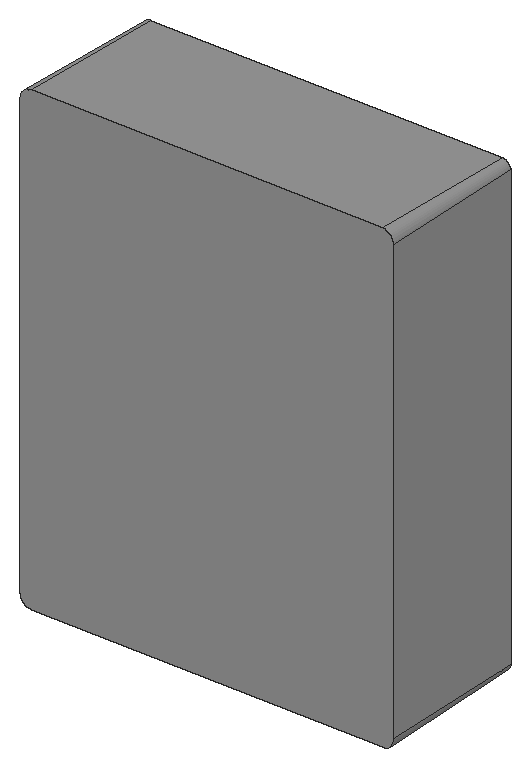
Revit family "L&L_LUCE&LIGHT_PASITO_MINI_1.2", category Lighting Fixtures, host Wall, Revit 2018 (continued)
Types (2, lengths in cm): name | Photometric Web File | built-in parameter 1150142
    .03 0.03 0.02 0.02 0.02 \r\n0.02 0.01 0.01 0.01 0.01 0.01 0.01 0.01 0.00 0.00 \r\n0.00 0.00 0.01 0.02 0.04 0.07 0.09 0.11 0.14 0.20 0.27 \r\n0.36 0.45 0.56 0.70 0.87 1.00 1.20 1.64 2.03 3.79 11.22 \r\n27.45 39.83 44.79 47.32 49.59 52.16 54.99 57.38 59.20 \r\n60.68 61.63 62.03 62.84 64.41 66.13 67.64 69.07 70.34 \r\n71.59 73.20 74.95 76.65 78.43 80.36 82.27 84.06 85.82 \r\n87.75 90.05 92.53 95.10 97.64 99.93 101.93 103.74 105.53 \r\n107.45 109.42 111.24 112.94 114.66 116.53 118.49 120.52 \r\n122.58 124.71 126.95 129.16 131.05 132.38 133.25 134.00 \r\n134.71 135.38 135.02 131.75 124.20 110.61 92.35 71.81 \r\n51.70 34.43 20.96 11.17 5.06 4.01 3.66 3.31 2.98 2.82 \r\n2.67 2.51 2.33 2.08 1.98 1.95 1.91 1.84 1.73 1.62 1.51 \r\n1.41 1.34 1.27 1.21 1.16 1.10 1.05 1.01 0.97 0.93 0.89 \r\n0.85 0.81 0.77 0.74 0.70 0.67 0.64 0.61 0.58 0.55 0.53 \r\n0.50 0.47 0.45 0.42 0.40 0.38 0.36 0.34 0.32 0.31 0.29 \r\n0.27 0.26 0.25 0.24 0.22 0.21 0.20 0.19 0.18 0.17 0.16 \r\n0.15 0.14 0.13 0.12 0.11 0.10 0.09 0.09 0.08 0.08 0.07 \r\n0.06 0.06 0.05 0.05 0.04 0.04 0.03 0.03 0.03 0.03 0.02 \r\n0.02 0.02 0.01 0.01 0.01 0.01 0.01 0.01 0.01 0.01 0.00 \r\n0.00 \r\n0.00 0.00 0.01 0.02 0.03 0.05 0.08 0.09 0.12 0.15 0.21 \r\n0.28 0.36 0.45 0.54 0.66 0.81 0.97 1.09 1.30 1.66 1.97 \r\n3.89 7.65 23.28 40.30 46.77 47.98 50.83 54.23 57.13 59.29 \r\n61.68 64.11 65.75 66.49 66.94 67.95 69.46 71.06 72.67 \r\n74.30 75.92 77.50 79.31 81.64 84.27 86.93 89.52 91.96 \r\n94.24 96.48 98.98 101.81 104.79 107.74 110.57 113.22 \r\n115.67 117.91 120.04 122.15 124.23 126.23 128.14 129.98 \r\n131.78 133.59 135.46 137.48 139.75 142.29 145.04 147.99 \r\n151.23 154.30 156.25 155.79 151.61 142.66 129.12 111.31 \r\n89.76 66.04 42.82 22.79 9.41 7.82 6.31 4.84 3.40 3.21 \r\n3.03 2.84 2.65 2.51 2.37 2.23 2.09 2.04 1.94 1.80 1.66 \r\n1.53 1.43 1.35 1.29 1.23 1.17 1.11 1.06 1.00 0.95 0.90 \r\n0.85 0.81 0.76 0.72 0.68 0.64 0.61 0.57 0.54 0.51 0.48 \r\n0.45 0.43 0.40 0.38 0.36 0.34 0.32 0.30 0.29 0.27 0.26 \r\n0.24 0.23 0.22 0.20 0.19 0.18 0.17 0.16 0.15 0.14 0.13 \r\n0.12 0.12 0.11 0.10 0.09 0.09 0.08 0.07 0.07 0.06 0.06 \r\n0.05 0.05 0.04 0.04 0.04 0.03 0.03 0.03 0.02 0.02 0.02 \r\n0.02 0.02 0.01 0.01 0.01 0.01 0.01 0.01 0.01 0.00 0.00 \r\n0.00 \r\n0.00 0.00 0.00 0.01 0.02 0.04 0.06 0.08 0.10 0.12 0.15 \r\n0.20 0.26 0.33 0.41 0.50 0.59 0.70 0.84 1.00 1.14 1.29 \r\n1.52 1.82 2.31 5.60 16.04 30.73 41.95 46.92 51.70 59.90 \r\n63.16 63.11 63.00 66.61 73.14 75.58 73.07 72.56 73.91 \r\n76.56 77.52 78.55 80.75 83.18 84.91 86.86 89.63 92.80 \r\n96.15 99.70 103.19 106.39 109.13 111.62 114.00 116.41 \r\n118.89 121.47 124.03 126.51 128.89 131.24 133.57 135.91 \r\n138.26 140.68 143.26 146.11 149.23 152.62 156.23 160.09 \r\n164.31 168.89 173.73 178.61 182.82 184.19 180.39 168.75 \r\n147.91 119.90 88.94 59.55 35.91 20.07 10.81 6.03 3.94 \r\n3.75 3.52 3.27 3.02 2.83 2.66 2.50 2.34 2.15 1.96 1.83 \r\n1.74 1.68 1.61 1.53 1.43 1.33 1.24 1.16 1.09 1.03 0.97 \r\n0.92 0.86 0.80 0.75 0.70 0.65 0.61 0.57 0.53 0.50 0.47 \r\n0.44 0.41 0.38 0.36 0.34 0.32 0.30 0.28 0.26 0.25 0.23 \r\n0.22 0.21 0.19 0.18 0.17 0.16 0.15 0.14 0.13 0.12 0.12 \r\n0.11 0.10 0.10 0.09 0.08 0.08 0.07 0.07 0.06 0.06 0.05 \r\n0.05 0.04 0.04 0.04 0.03 0.03 0.03 0.03 0.02 0.02 0.02 \r\n0.02 0.01 0.01 0.01 0.01 0.01 0.01 0.01 0.01 0.01 0.00 \r\n0.00 0.00 \r\n0.00 0.00 0.00 0.01 0.02 0.03 0.04 0.06 0.08 0.10 0.12 \r\n0.14 0.18 0.22 0.28 0.35 0.42 0.50 0.58 0.68 0.79 0.92 \r\n1.05 1.16 1.34 1.56 1.79 2.10 2.75 3.25 5.77 7.33 5.51 \r\n5.96 8.80 12.30 13.79 9.86 6.33 8.64 12.83 14.22 11.36 \r\n9.67 12.18 16.39 18.29 16.00 19.10 22.82 26.46 28.86 \r\n31.20 35.54 40.25 46.44 51.26 56.48 61.81 68.36 75.01 \r\n80.62 86.64 93.07 101.16 110.31 118.02 126.77 135.38 \r\n142.98 151.45 159.78 167.22 175.27 184.08 192.81 202.45 \r\n213.50 224.73 233.70 237.59 233.80 220.68 199.35 171.77 \r\n140.19 107.02 74.84 45.86 22.06 5.32 4.85 4.38 3.92 3.45 \r\n3.11 2.92 2.73 2.54 2.35 2.21 2.07 1.94 1.80 1.67 1.57 \r\n1.47 1.37 1.27 1.14 1.03 0.96 0.92 0.87 0.82 0.76 0.70 \r\n0.64 0.59 0.54 0.50 0.47 0.43 0.40 0.38 0.35 0.33 0.31 \r\n0.29 0.27 0.25 0.23 0.22 0.21 0.19 0.18 0.17 0.16 0.15 \r\n0.14 0.13 0.12 0.11 0.11 0.10 0.09 0.09 0.08 0.07 0.07 \r\n0.06 0.06 0.06 0.05 0.05 0.05 0.04 0.04 0.04 0.03 0.03 \r\n0.03 0.03 0.02 0.02 0.02 0.02 0.02 0.01 0.01 0.01 0.01 \r\n0.01 0.01 0.01 0.01 0.01 0.00 0.00 0.00 0.00 \r\n0.00 0.00 0.00 0.01 0.01 0.02 0.03 0.04 0.06 0.08 0.09 \r\n0.11 0.13 0.15 0.18 0.21 0.26 0.31 0.37 0.44 0.51 0.59 \r\n0.67 0.76 0.87 1.00 1.12 1.23 1.31 1.45 1.67 1.84 1.98 \r\n2.21 2.44 2.67 2.88 3.08 3.26 3.44 3.60 3.75 3.91 4.09 \r\n4.23 4.37 4.50 4.63 4.75 4.87 4.97 5.10 5.24 5.37 5.49 \r\n5.60 5.71 5.88 6.04 6.14 6.21 6.29 6.41 6.57 6.69 6.78 \r\n6.85 6.93 7.03 7.14 7.23 7.31 7.51 7.92 8.49 9.41 11.02 \r\n13.96 18.44 23.87 29.14 33.43 36.12 36.97 35.91 32.90 \r\n28.05 21.87 15.24 9.10 4.44 4.18 3.93 3.68 3.43 3.19 3.00 \r\n2.81 2.63 2.44 2.19 1.99 1.87 1.76 1.66 1.55 1.42 1.30 \r\n1.19 1.09 1.00 0.91 0.83 0.76 0.69 0.63 0.58 0.53 0.49 \r\n0.45 0.42 0.39 0.36 0.33 0.30 0.28 0.26 0.24 0.23 0.21 \r\n0.20 0.18 0.17 0.16 0.15 0.14 0.13 0.12 0.11 0.11 0.10 \r\n0.09 0.09 0.08 0.07 0.07 0.07 0.06 0.06 0.05 0.05 0.05 \r\n0.04 0.04 0.04 0.03 0.03 0.03 0.03 0.03 0.02 0.02 0.02 \r\n0.02 0.02 0.02 0.01 0.01 0.01 0.01 0.01 0.01 0.01 0.01 \r\n0.01 0.01 0.00 0.00 0.00 0.00 0.00 \r\n0.00 0.00 0.00 0.00 0.01 0.01 0.02 0.02 0.03 0.04 0.06 \r\n0.07 0.09 0.11 0.12 0.14 0.16 0.18 0.21 0.24 0.28 0.32 \r\n0.37 0.43 0.49 0.55 0.62 0.69 0.77 0.86 0.95 1.05 1.15 \r\n1.26 1.38 1.51 1.65 1.80 1.94 2.10 2.27 2.46 2.66 2.85 \r\n3.04 3.24 3.44 3.64 3.84 4.03 4.21 4.36 4.50 4.64 4.76 \r\n4.88 5.00 5.13 5.25 5.36 5.47 5.58 5.68 5.77 5.86 5.95 \r\n6.02 6.09 6.16 6.21 6.25 6.28 6.29 6.29 6.28 6.25 6.20 \r\n6.13 6.05 5.95 5.84 5.71 5.56 5.41 5.24 5.06 4.88 4.69 \r\n4.50 4.31 4.11 3.91 3.71 3.52 3.32 3.13 2.94 2.75 2.56 \r\n2.38 2.19 2.01 1.83 1.66 1.49 1.34 1.20 1.08 0.97 0.87 \r\n0.78 0.71 0.64 0.58 0.52 0.48 0.43 0.40 0.36 0.33 0.30 \r\n0.28 0.26 0.24 0.22 0.21 0.19 0.18 0.16 0.15 0.14 0.13 \r\n0.12 0.11 0.11 0.10 0.09 0.09 0.08 0.07 0.07 0.07 0.06 \r\n0.06 0.05 0.05 0.05 0.04 0.04 0.04 0.04 0.03 0.03 0.03 \r\n0.03 0.02 0.02 0.02 0.02 0.02 0.02 0.02 0.01 0.01 0.01 \r\n0.01 0.01 0.01 0.01 0.01 0.01 0.01 0.01 0.01 0.00 0.00 \r\n0.00 0.00 0.00 0.00 0.00 \r\n0.00 0.00 0.00 0.00 0.00 0.01 0.01 0.01 0.01 0.02 0.02 \r\n0.03 0.04 0.05 0.06 0.07 0.09 0.10 0.12 0.13 0.15 0.17 \r\n0.19 0.21 0.24 0.26 0.29 0.33 0.36 0.40 0.44 0.49 0.54 \r\n0.59 0.64 0.71 0.77 0.85 0.93 1.02 1.11 1.22 1.33 1.46 \r\n1.59 1.73 1.86 2.00 2.13 2.27 2.41 2.54 2.66 2.78 2.89 \r\n2.99 3.09 3.18 3.26 3.34 3.42 3.49 3.57 3.64 3.71 3.78 \r\n3.84 3.90 3.95 3.99 4.03 4.06 4.08 4.09 4.09 4.08 4.06 \r\n4.03 3.99 3.95 3.89 3.82 3.74 3.66 3.56 3.46 3.36 3.25 \r\n3.15 3.04 2.92 2.81 2.68 2.55 2.42 2.28 2.13 1.98 1.82 \r\n1.67 1.51 1.36 1.22 1.09 0.96 0.85 0.76 0.68 0.60 0.54 \r\n0.49 0.44 0.40 0.36 0.33 0.30 0.27 0.25 0.22 0.21 0.19 \r\n0.17 0.16 0.15 0.14 0.13 0.12 0.11 0.10 0.09 0.09 0.08 \r\n0.07 0.07 0.07 0.06 0.06 0.05 0.05 0.05 0.04 0.04 0.04 \r\n0.04 0.03 0.03 0.03 0.03 0.03 0.02 0.02 0.02 0.02 0.02 \r\n0.02 0.02 0.01 0.01 0.01 0.01 0.01 0.01 0.01 0.01 0.01 \r\n0.01 0.01 0.01 0.01 0.01 0.01 0.00 0.00 0.00 0.00 0.00 \r\n0.00 0.00 0.00 0.00 0.00 \r\n0.00 0.00 0.00 0.00 0.00 0.00 0.00 0.00 0.01 0.01 0.01 \r\n0.01 0.01 0.01 0.02 0.02 0.02 0.02 0.03 0.04 0.04 0.05 \r\n0.06 0.06 0.07 0.08 0.09 0.10 0.12 0.13 0.14 0.16 0.17 \r\n0.19 0.21 0.23 0.25 0.28 0.31 0.34 0.37 0.41 0.44 0.48 \r\n0.52 0.56 0.60 0.63 0.66 0.70 0.73 0.77 0.81 0.85 0.89 \r\n0.93 0.97 1.01 1.04 1.07 1.10 1.12 1.14 1.16 1.19 1.21 \r\n1.23 1.25 1.27 1.29 1.31 1.33 1.34 1.36 1.37 1.38 1.39 \r\n1.39 1.38 1.38 1.38 1.37 1.35 1.34 1.32 1.29 1.26 1.23 \r\n1.19 1.16 1.12 1.09 1.06 1.02 0.98 0.94 0.88 0.81 0.73 \r\n0.66 0.59 0.53 0.47 0.42 0.37 0.33 0.30 0.27 0.24 0.22 \r\n0.20 0.18 0.16 0.15 0.14 0.12 0.12 0.11 0.10 0.09 0.08 \r\n0.08 0.07 0.06 0.06 0.06 0.05 0.05 0.04 0.04 0.04 0.04 \r\n0.03 0.03 0.03 0.03 0.03 0.02 0.02 0.02 0.02 0.02 0.02 \r\n0.02 0.02 0.01 0.01 0.01 0.01 0.01 0.01 0.01 0.01 0.01 \r\n0.01 0.01 0.01 0.01 0.01 0.01 0.01 0.01 0.01 0.00 0.00 \r\n0.00 0.00 0.00 0.00 0.00 0.00 0.00 0.00 0.00 0.00 0.00 \r\n0.00 0.00 0.00 0.00 0.00 \r\n0.00 0.00 0.00 0.00 0.00 0.00 0.00 0.00 0.00 0.00 0.00 \r\n0.00 0.00 0.00 0.00 0.00 0.00 0.00 0.00 0.00 0.00 0.00 \r\n0.00 0.00 0.00 0.00 0.00 0.00 0.00 0.00 0.00 0.00 0.00 \r\n0.00 0.00 0.00 0.00 0.00 0.00 0.00 0.00 0.00 0.00 0.00 \r\n0.00 0.00 0.00 0.00 0.00 0.00 0.00 0.00 0.00 0.00 0.00 \r\n0.00 0.00 0.00 0.00 0.00 0.00 0.00 0.00 0.00 0.00 0.00 \r\n0.00 0.00 0.00 0.00 0.00 0.00 0.00 0.00 0.00 0.00 0.00 \r\n0.00 0.00 0.00 0.00 0.00 0.00 0.00 0.00 0.00 0.01 0.01 \r\n0.01 0.01 0.01 0.01 0.01 0.01 0.01 0.01 0.01 0.01 0.01 \r\n0.01 0.01 0.01 0.01 0.01 0.01 0.01 0.01 0.01 0.00 0.00 \r\n0.00 0.00 0.00 0.00 0.00 0.00 0.00 0.00 0.00 0.00 0.00 \r\n0.00 0.00 0.00 0.00 0.00 0.00 0.00 0.00 0.00 0.00 0.00 \r\n0.00 0.00 0.00 0.00 0.00 0.00 0.00 0.00 0.00 0.00 0.00 \r\n0.00 0.00 0.00 0.00 0.00 0.00 0.00 0.00 0.00 0.00 0.00 \r\n0.00 0.00 0.00 0.00 0.00 0.00 0.00 0.00 0.00 0.00 0.00 \r\n0.00 0.00 0.00 0.00 0.00 0.00 0.00 0.00 0.00 0.00 0.00 \r\n0.00 0.00 0.00 0.00 0.00 \r\n"
  PASITO_MINI_1.2 – 60° | "PASITO MINI 1.2 BE 60° [2700K 5W 24Vdc] white.IES" | "IESNA:LM-63-2002\r\n[TEST] PASITO 20181009-1642.LDT\r\n[TESTLAB] L&L\r\n[TESTDATE] 9 Oct 2018\r\n[ISSUEDATE] 9 Oct 2018\r\n[MANUFAC] L&L\r\n[LUMCAT] PASITO MINI 1.2 BE 60° [2700K 5W 24Vdc] white\r\n[LUMINAIRE] PASITO MINI 1.2 BE 60° [2700K 5W 24Vdc] white\r\n[FLASHAREA] 0.000015\r\n[LAMPCAT] Power LED\r\n[LAMP] Power LED\r\nTILT=NONE\r\n1 190.00 1.0 181 73 1 2 0.002 0.030 0.000\r\n1.00 1.00 5.00\r\n0.00 1.00 2.00 3.00 4.00 5.00 6.00 7.00 8.00 9.00 10.00 \r\n11.00 12.00 13.00 14.00 15.00 16.00 17.00 18.00 19.00 \r\n20.00 21.00 22.00 23.00 24.00 25.00 26.00 27.00 28.00 \r\n29.00 30.00 31.00 32.00 33.00 34.00 35.00 36.00 37.00 \r\n38.00 39.00 40.00 41.00 42.00 43.00 44.00 45.00 46.00 \r\n47.00 48.00 49.00 50.00 51.00 52.00 53.00 54.00 55.00 \r\n56.00 57.00 58.00 59.00 60.00 61.00 62.00 63.00 64.00 \r\n65.00 66.00 67.00 68.00 69.00 70.00 71.00 72.00 73.00 \r\n74.00 75.00 76.00 77.00 78.00 79.00 80.00 81.00 82.00 \r\n83.00 84.00 85.00 86.00 87.00 88.00 89.00 90.00 91.00 \r\n92.00 93.00 94.00 95.00 96.00 97.00 98.00 99.00 100.00 \r\n101.00 102.00 103.00 104.00 105.00 106.00 107.00 108.00 \r\n109.00 110.00 111.00 112.00 113.00 114.00 115.00 116.00 \r\n117.00 118.00 119.00 120.00 121.00 122.00 123.00 124.00 \r\n125.00 126.00 127.00 128.00 129.00 130.00 131.00 132.00 \r\n133.00 134.00 135.00 136.00 137.00 138.00 139.00 140.00 \r\n141.00 142.00 143.00 144.00 145.00 146.00 147.00 148.00 \r\n149.00 150.00 151.00 152.00 153.00 154.00 155.00 156.00 \r\n157.00 158.00 159.00 160.00 161.00 162.00 163.00 164.00 \r\n165.00 166.00 167.00 168.00 169.00 170.00 171.00 172.00 \r\n173.00 174.00 175.00 176.00 177.00 178.00 179.00 180.00 \r\n0.00 5.00 10.00 15.00 20.00 25.00 30.00 35.00 40.00 45.00 \r\n50.00 55.00 60.00 65.00 70.00 75.00 80.00 85.00 90.00 \r\n95.00 100.00 105.00 110.00 115.00 120.00 125.00 130.00 \r\n135.00 140.00 145.00 150.00 155.00 160.00 165.00 170.00 \r\n175.00 180.00 185.00 190.00 195.00 200.00 205.00 210.00 \r\n215.00 220.00 225.00 230.00 235.00 240.00 245.00 250.00 \r\n255.00 260.00 265.00 270.00 275.00 280.00 285.00 290.00 \r\n295.00 300.00 305.00 310.00 315.00 320.00 325.00 330.00 \r\n335.00 340.00 345.00 350.00 355.00 360.00 \r\n0.01 0.02 0.02 0.02 0.03 0.03 0.03 0.04 0.04 0.04 0.05 \r\n0.05 0.05 0.06 0.06 0.07 0.07 0.07 0.08 0.08 0.09 0.09 \r\n0.10 0.10 0.10 0.11 0.11 0.12 0.12 0.13 0.13 0.14 0.14 \r\n0.15 0.15 0.16 0.16 0.16 0.17 0.17 0.18 0.18 0.19 0.19 \r\n0.19 0.20 0.20 0.21 0.21 0.21 0.22 0.22 0.23 0.23 0.23 \r\n0.24 0.24 0.25 0.25 0.25 0.26 0.26 0.26 0.27 0.27 0.27 \r\n0.28 0.28 0.28 0.29 0.29 0.29 0.30 0.30 0.30 0.31 0.31 \r\n0.31 0.31 0.31 0.32 0.32 0.32 0.32 0.32 0.32 0.33 0.33 \r\n0.33 0.33 0.33 0.33 0.33 0.33 0.33 0.33 0.33 0.33 0.33 \r\n0.33 0.33 0.33 0.32 0.32 0.32 0.32 0.32 0.31 0.31 0.31 \r\n0.31 0.30 0.30 0.30 0.29 0.29 0.29 0.28 0.28 0.28 0.27 \r\n0.27 0.26 0.26 0.25 0.25 0.24 0.24 0.23 0.23 0.23 0.22 \r\n0.22 0.21 0.21 0.20 0.20 0.19 0.19 0.18 0.18 0.17 0.17 \r\n0.16 0.16 0.15 0.15 0.14 0.14 0.13 0.13 0.12 0.12 0.11 \r\n0.11 0.10 0.10 0.09 0.09 0.08 0.08 0.07 0.07 0.06 0.06 \r\n0.05 0.05 0.04 0.04 0.03 0.03 0.03 0.02 0.02 0.02 0.02 \r\n0.02 0.02 0.02 0.02 0.02 \r\n0.01 0.02 0.02 0.02 0.02 0.02 0.02 0.01 0.01 0.01 0.00 \r\n0.00 0.00 0.00 0.00 0.00 0.00 0.00 0.00 0.00 0.00 0.00 \r\n0.00 0.00 0.00 0.00 0.00 0.00 0.00 0.00 0.00 0.00 0.00 \r\n0.00 0.00 0.00 0.00 0.00 0.00 0.00 0.00 0.00 0.00 0.00 \r\n0.00 0.00 0.00 0.00 0.00 0.00 0.00 0.00 0.00 0.00 0.00 \r\n0.00 0.00 0.00 0.00 0.00 0.00 0.00 0.00 0.00 0.00 0.00 \r\n0.00 0.00 0.00 0.00 0.00 0.00 0.00 0.00 0.00 0.00 0.00 \r\n0.00 0.00 0.00 0.00 0.00 0.00 0.00 0.00 0.00 0.00 0.00 \r\n0.00 0.00 0.00 0.00 0.00 0.00 0.00 0.00 0.00 0.00 0.00 \r\n0.00 0.00 0.00 0.00 0.00 0.00 0.00 0.00 0.00 0.00 0.00 \r\n0.00 0.00 0.00 0.00 0.00 0.00 0.00 0.00 0.00 0.00 0.00 \r\n0.00 0.00 0.00 0.00 0.00 0.00 0.00 0.00 0.00 0.00 0.00 \r\n0.00 0.00 0.00 0.00 0.00 0.00 0.00 0.00 0.00 0.00 0.00 \r\n0.00 0.00 0.00 0.00 0.00 0.00 0.00 0.00 0.00 0.00 0.00 \r\n0.00 0.00 0.00 0.00 0.00 0.00 0.00 0.00 0.00 0.00 0.00 \r\n0.00 0.00 0.00 0.00 0.00 0.00 0.00 0.01 0.01 0.01 0.01 \r\n0.01 0.01 0.01 0.01 0.02 \r\n0.01 0.01 0.02 0.01 0.01 0.00 0.00 0.00 0.00 0.00 0.00 \r\n0.00 0.00 0.00 0.00 0.00 0.00 0.00 0.00 0.00 0.00 0.00 \r\n0.00 0.00 0.00 0.00 0.00 0.00 0.00 0.00 0.00 0.00 0.00 \r\n0.00 0.00 0.00 0.00 0.00 0.00 0.00 0.00 0.00 0.00 0.00 \r\n0.00 0.00 0.00 0.00 0.00 0.00 0.00 0.00 0.00 0.00 0.00 \r\n0.00 0.00 0.00 0.00 0.00 0.00 0.00 0.00 0.00 0.00 0.00 \r\n0.00 0.00 0.00 0.00 0.00 0.00 0.00 0.00 0.00 0.00 0.00 \r\n0.00 0.00 0.00 0.00 0.00 0.00 0.00 0.00 0.00 0.00 0.00 \r\n0.00 0.00 0.00 0.00 0.00 0.00 0.00 0.00 0.00 0.00 0.00 \r\n0.00 0.00 0.00 0.00 0.00 0.00 0.00 0.00 0.00 0.00 0.00 \r\n0.00 0.00 0.00 0.00 0.00 0.00 0.00 0.00 0.00 0.00 0.00 \r\n0.00 0.00 0.00 0.00 0.00 0.00 0.00 0.00 0.00 0.00 0.00 \r\n0.00 0.00 0.00 0.00 0.00 0.00 0.00 0.00 0.00 0.00 0.00 \r\n0.00 0.00 0.00 0.00 0.00 0.00 0.00 0.00 0.00 0.00 0.00 \r\n0.00 0.00 0.00 0.00 0.00 0.00 0.00 0.00 0.00 0.00 0.00 \r\n0.00 0.00 0.00 0.00 0.00 0.00 0.00 0.00 0.00 0.00 0.00 \r\n0.00 0.01 0.01 0.01 0.02 \r\n0.01 0.01 0.01 0.01 0.00 0.00 0.00 0.00 0.00 0.00 0.00 \r\n0.00 0.00 0.00 0.00 0.00 0.00 0.00 0.00 0.00 0.00 0.00 \r\n0.00 0.00 0.00 0.00 0.00 0.00 0.00 0.00 0.00 0.00 0.00 \r\n0.00 0.00 0.00 0.00 0.00 0.00 0.00 0.00 0.00 0.00 0.00 \r\n0.00 0.00 0.00 0.00 0.00 0.00 0.00 0.00 0.00 0.00 0.00 \r\n0.00 0.00 0.00 0.00 0.00 0.00 0.00 0.00 0.00 0.00 0.00 \r\n0.00 0.00 0.00 0.00 0.00 0.00 0.00 0.00 0.00 0.00 0.00 \r\n0.00 0.00 0.00 0.00 0.00 0.00 0.00 0.00 0.00 0.00 0.00 \r\n0.00 0.00 0.00 0.00 0.00 0.00 0.00 0.00 0.00 0.00 0.00 \r\n0.00 0.00 0.00 0.00 0.00 0.00 0.00 0.00 0.00 0.00 0.00 \r\n0.00 0.00 0.00 0.00 0.00 0.00 0.00 0.00 0.00 0.00 0.00 \r\n0.00 0.00 0.00 0.00 0.00 0.00 0.00 0.00 0.00 0.00 0.00 \r\n0.00 0.00 0.00 0.00 0.00 0.00 0.00 0.00 0.00 0.00 0.00 \r\n0.00 0.00 0.00 0.00 0.00 0.00 0.00 0.00 0.00 0.00 0.00 \r\n0.00 0.00 0.00 0.00 0.00 0.00 0.00 0.00 0.00 0.00 0.00 \r\n0.00 0.00 0.00 0.00 0.00 0.00 0.00 0.00 0.00 0.00 0.00 \r\n0.00 0.00 0.01 0.01 0.02 \r\n0.01 0.01 0.01 0.00 0.00 0.00 0.00 0.00 0.00 0.00 0.00 \r\n0.00 0.00 0.00 0.00 0.00 0.00 0.00 0.00 0.00 0.00 0.00 \r\n0.00 0.00 0.00 0.00 0.00 0.00 0.00 0.00 0.00 0.00 0.00 \r\n0.00 0.00 0.00 0.00 0.00 0.00 0.00 0.00 0.00 0.00 0.00 \r\n0.00 0.00 0.00 0.00 0.00 0.00 0.00 0.00 0.00 0.00 0.00 \r\n0.00 0.00 0.00 0.00 0.00 0.00 0.00 0.00 0.00 0.00 0.00 \r\n0.00 0.00 0.00 0.00 0.00 0.00 0.00 0.00 0.00 0.00 0.00 \r\n0.00 0.00 0.00 0.00 0.00 0.00 0.00 0.00 0.00 0.00 0.00 \r\n0.00 0.00 0.00 0.00 0.00 0.00 0.00 0.00 0.00 0.00 0.00 \r\n0.00 0.00 0.00 0.00 0.00 0.00 0.00 0.00 0.00 0.00 0.00 \r\n0.00 0.00 0.00 0.00 0.00 0.00 0.00 0.00 0.00 0.00 0.00 \r\n0.00 0.00 0.00 0.00 0.00 0.00 0.00 0.00 0.00 0.00 0.00 \r\n0.00 0.00 0.00 0.00 0.00 0.00 0.00 0.00 0.00 0.00 0.00 \r\n0.00 0.00 0.00 0.00 0.00 0.00 0.00 0.00 0.00 0.00 0.00 \r\n0.00 0.00 0.00 0.00 0.00 0.00 0.00 0.00 0.00 0.00 0.00 \r\n0.00 0.00 0.00 0.00 0.00 0.00 0.00 0.00 0.00 0.00 0.00 \r\n0.00 0.00 0.00 0.01 0.02 \r\n0.01 0.01 0.00 0.00 0.00 0.00 0.00 0.00 0.00 0.00 0.00 \r\n0.00 0.00 0.00 0.00 0.00 0.00 0.00 0.00 0.00 0.00 0.00 \r\n0.00 0.00 0.00 0.00 0.00 0.00 0.00 0.00 0.00 0.00 0.00 \r\n0.00 0.00 0.00 0.00 0.00 0.00 0.00 0.00 0.00 0.00 0.00 \r\n0.00 0.00 0.00 0.00 0.00 0.00 0.00 0.00 0.00 0.00 0.00 \r\n0.00 0.00 0.00 0.00 0.00 0.00 0.00 0.00 0.00 0.00 0.00 \r\n0.00 0.00 0.00 0.00 0.00 0.00 0.00 0.00 0.00 0.00 0.00 \r\n0.00 0.00 0.00 0.00 0.00 0.00 0.00 0.00 0.00 0.00 0.00 \r\n0.00 0.00 0.00 0.00 0.00 0.00 0.00 0.00 0.00 0.00 0.00 \r\n0.00 0.00 0.00 0.00 0.00 0.00 0.00 0.00 0.00 0.00 0.00 \r\n0.00 0.00 0.00 0.00 0.00 0.00 0.00 0.00 0.00 0.00 0.00 \r\n0.00 0.00 0.00 0.00 0.00 0.00 0.00 0.00 0.00 0.00 0.00 \r\n0.00 0.00 0.00 0.00 0.00 0.00 0.00 0.00 0.00 0.00 0.00 \r\n0.00 0.00 0.00 0.00 0.00 0.00 0.00 0.00 0.00 0.00 0.00 \r\n0.00 0.00 0.00 0.00 0.00 0.00 0.00 0.00 0.00 0.00 0.00 \r\n0.00 0.00 0.00 0.00 0.00 0.00 0.00 0.00 0.00 0.00 0.00 \r\n0.00 0.00 0.00 0.01 0.02 \r\n0.01 0.01 0.00 0.00 0.00 0.00 0.00 0.00 0.00 0.00 0.00 \r\n0.00 0.00 0.00 0.00 0.00 0.00 0.00 0.00 0.00 0.00 0.00 \r\n0.00 0.00 0.00 0.00 0.00 0.00 0.00 0.00 0.00 0.00 0.00 \r\n0.00 0.00 0.00 0.00 0.00 0.00 0.00 0.00 0.00 0.00 0.00 \r\n0.00 0.00 0.00 0.00 0.00 0.00 0.00 0.00 0.00 0.00 0.00 \r\n0.00 0.00 0.00 0.00 0.00 0.00 0.00 0.00 0.00 0.00 0.00 \r\n0.00 0.00 0.00 0.00 0.00 0.00 0.00 0.00 0.00 0.00 0.00 \r\n0.00 0.00 0.00 0.00 0.00 0.00 0.00 0.00 0.00 0.00 0.00 \r\n0.00 0.00 0.00 0.00 0.00 0.00 0.00 0.00 0.00 0.00 0.00 \r\n0.00 0.00 0.00 0.00 0.00 0.00 0.00 0.00 0.00 0.00 0.00 \r\n0.00 0.00 0.00 0.00 0.00 0.00 0.00 0.00 0.00 0.00 0.00 \r\n0.00 0.00 0.00 0.00 0.00 0.00 0.00 0.00 0.00 0.00 0.00 \r\n0.00 0.00 0.00 0.00 0.00 0.00 0.00 0.00 0.00 0.00 0.00 \r\n0.00 0.00 0.00 0.00 0.00 0.00 0.00 0.00 0.00 0.00 0.00 \r\n0.00 0.00 0.00 0.00 0.00 0.00 0.00 0.00 0.00 0.00 0.00 \r\n0.00 0.00 0.00 0.00 0.00 0.00 0.00 0.00 0.00 0.00 0.00 \r\n0.00 0.00 0.00 0.01 0.02 \r\n0.01 0.01 0.00 0.00 0.00 0.00 0.00 0.00 0.00 0.00 0.00 \r\n0.00 0.00 0.00 0.00 0.00 0.00 0.00 0.00 0.00 0.00 0.00 \r\n0.00 0.00 0.00 0.00 0.00 0.00 0.00 0.00 0.00 0.00 0.00 \r\n0.00 0.00 0.00 0.00 0.00 0.00 0.00 0.00 0.00 0.00 0.00 \r\n0.00 0.00 0.00 0.00 0.00 0.00 0.00 0.00 0.00 0.00 0.00 \r\n0.00 0.00 0.00 0.00 0.00 0.00 0.00 0.00 0.00 0.00 0.00 \r\n0.00 0.00 0.00 0.00 0.00 0.00 0.00 0.00 0.00 0.00 0.00 \r\n0.00 0.00 0.00 0.00 0.00 0.00 0.00 0.00 0.00 0.00 0.00 \r\n0.00 0.00 0.00 0.00 0.00 0.00 0.00 0.00 0.00 0.00 0.00 \r\n0.00 0.00 0.00 0.00 0.00 0.00 0.00 0.00 0.00 0.00 0.00 \r\n0.00 0.00 0.00 0.00 0.00 0.00 0.00 0.00 0.00 0.00 0.00 \r\n0.00 0.00 0.00 0.00 0.00 0.00 0.00 0.00 0.00 0.00 0.00 \r\n0.00 0.00 0.00 0.00 0.00 0.00 0.00 0.00 0.00 0.00 0.00 \r\n0.00 0.00 0.00 0.00 0.00 0.00 0.00 0.00 0.00 0.00 0.00 \r\n0.00 0.00 0.00 0.00 0.00 0.00 0.00 0.00 0.00 0.00 0.00 \r\n0.00 0.00 0.00 0.00 0.00 0.00 0.00 0.00 0.00 0.00 0.00 \r\n0.00 0.00 0.00 0.01 0.02 \r\n0.01 0.01 0.00 0.00 0.00 0.00 0.00 0.00 0.00 0.00 0.00 \r\n0.00 0.00 0.00 0.00 0.00 0.00 0.00 0.00 0.00 0.00 0.00 \r\n0.00 0.00 0.00 0.00 0.00 0.00 0.00 0.00 0.00 0.00 0.00 \r\n0.00 0.00 0.00 0.00 0.00 0.00 0.00 0.00 0.00 0.00 0.00 \r\n0.00 0.00 0.00 0.00 0.00 0.00 0.00 0.00 0.00 0.00 0.00 \r\n0.00 0.00 0.00 0.00 0.00 0.00 0.00 0.00 0.00 0.00 0.00 \r\n0.00 0.00 0.00 0.00 0.00 0.00 0.00 0.00 0.00 0.00 0.00 \r\n0.00 0.00 0.00 0.00 0.00 0.00 0.00 0.00 0.00 0.00 0.00 \r\n0.00 0.00 0.00 0.00 0.00 0.00 0.00 0.00 0.00 0.00 0.00 \r\n0.00 0.00 0.00 0.00 0.00 0.00 0.00 0.00 0.00 0.00 0.00 \r\n0.00 0.00 0.00 0.00 0.00 0.00 0.00 0.00 0.00 0.00 0.00 \r\n0.00 0.00 0.00 0.00 0.00 0.00 0.00 0.00 0.00 0.00 0.00 \r\n0.00 0.00 0.00 0.00 0.00 0.00 0.00 0.00 0.00 0.00 0.00 \r\n0.00 0.00 0.00 0.00 0.00 0.00 0.00 0.00 0.00 0.00 0.00 \r\n0.00 0.00 0.00 0.00 0.00 0.00 0.00 0.00 0.00 0.00 0.00 \r\n0.00 0.00 0.00 0.00 0.00 0.00 0.00 0.00 0.00 0.00 0.00 \r\n0.00 0.00 0.00 0.01 0.02 \r\n0.01 0.01 0.00 0.00 0.00 0.00 0.00 0.00 0.00 0.00 0.00 \r\n0.00 0.00 0.00 0.00 0.00 0.00 0.00 0.00 0.00 0.00 0.00 \r\n0.00 0.00 0.00 0.00 0.00 0.00 0.00 0.00 0.00 0.00 0.00 \r\n0.00 0.00 0.00 0.00 0.00 0.00 0.00 0.00 0.00 0.00 0.00 \r\n0.00 0.00 0.00 0.00 0.00 0.00 0.00 0.00 0.00 0.00 0.00 \r\n0.00 0.00 0.00 0.00 0.00 0.00 0.00 0.00 0.00 0.00 0.00 \r\n0.00 0.00 0.00 0.00 0.00 0.00 0.00 0.00 0.00 0.00 0.00 \r\n0.00 0.00 0.00 0.00 0.00 0.00 0.00 0.00 0.00 0.00 0.00 \r\n0.00 0.00 0.00 0.00 0.00 0.00 0.00 0.00 0.00 0.00 0.00 \r\n0.00 0.00 0.00 0.00 0.00 0.00 0.00 0.00 0.00 0.00 0.00 \r\n0.00 0.00 0.00 0.00 0.00 0.00 0.00 0.00 0.00 0.00 0.00 \r\n0.00 0.00 0.00 0.00 0.00 0.00 0.00 0.00 0.00 0.00 0.00 \r\n0.00 0.00 0.00 0.00 0.00 0.00 0.00 0.00 0.00 0.00 0.00 \r\n0.00 0.00 0.00 0.00 0.00 0.00 0.00 0.00 0.00 0.00 0.00 \r\n0.00 0.00 0.00 0.00 0.00 0.00 0.00 0.00 0.00 0.00 0.00 \r\n0.00 0.00 0.00 0.00 0.00 0.00 0.00 0.00 0.00 0.00 0.00 \r\n0.00 0.00 0.00 0.00 0.02 \r\n0.01 0.01 0.00 0.00 0.00 0.00 0.00 0.00 0.00 0.00 0.00 \r\n0.00 0.00 0.00 0.00 0.00 0.00 0.00 0.00 0.00 0.00 0.00 \r\n0.00 0.00 0.00 0.00 0.00 0.00 0.00 0.00 0.00 0.00 0.00 \r\n0.00 0.00 0.00 0.00 0.00 0.00 0.00 0.00 0.00 0.00 0.00 \r\n0.00 0.00 0.00 0.00 0.00 0.00 0.00 0.00 0.00 0.00 0.00 \r\n0.00 0.00 0.00 0.00 0.00 0.00 0.00 0.00 0.00 0.00 0.00 \r\n0.00 0.00 0.00 0.00 0.00 0.00 0.00 0.00 0.00 0.00 0.00 \r\n0.00 0.00 0.00 0.00 0.00 0.00 0.00 0.00 0.00 0.00 0.00 \r\n0.00 0.00 0.00 0.00 0.00 0.00 0.00 0.00 0.00 0.00 0.00 \r\n0.00 0.00 0.00 0.00 0.00 0.00 0.00 0.00 0.00 0.00 0.00 \r\n0.00 0.00 0.00 0.00 0.00 0.00 0.00 0.00 0.00 0.00 0.00 \r\n0.00 0.00 0.00 0.00 0.00 0.00 0.00 0.00 0.00 0.00 0.00 \r\n0.00 0.00 0.00 0.00 0.00 0.00 0.00 0.00 0.00 0.00 0.00 \r\n0.00 0.00 0.00 0.00 0.00 0.00 0.00 0.00 0.00 0.00 0.00 \r\n0.00 0.00 0.00 0.00 0.00 0.00 0.00 0.00 0.00 0.00 0.00 \r\n0.00 0.00 0.00 0.00 0.00 0.00 0.00 0.00 0.00 0.00 0.00 \r\n0.00 0.00 0.00 0.00 0.02 \r\n0.01 0.00 0.00 0.00 0.00 0.00 0.00 0.00 0.00 0.00 0.00 \r\n0.00 0.00 0.00 0.00 0.00 0.00 0.00 0.00 0.00 0.00 0.00 \r\n0.00 0.00 0.00 0.00 0.00 0.00 0.00 0.00 0.00 0.00 0.00 \r\n0.00 0.00 0.00 0.00 0.00 0.00 0.00 0.00 0.00 0.00 0.00 \r\n0.00 0.00 0.00 0.00 0.00 0.00 0.00 0.00 0.00 0.00 0.00 \r\n0.00 0.00 0.00 0.00 0.00 0.00 0.00 0.00 0.00 0.00 0.00 \r\n0.00 0.00 0.00 0.00 0.00 0.00 0.00 0.00 0.00 0.00 0.00 \r\n0.00 0.00 0.00 0.00 0.00 0.00 0.00 0.00 0.00 0.00 0.00 \r\n0.00 0.00 0.00 0.00 0.00 0.00 0.00 0.00 0.00 0.00 0.00 \r\n0.00 0.00 0.00 0.00 0.00 0.00 0.00 0.00 0.00 0.00 0.00 \r\n0.00 0.00 0.00 0.00 0.00 0.00 0.00 0.00 0.00 0.00 0.00 \r\n0.00 0.00 0.00 0.00 0.00 0.00 0.00 0.00 0.00 0.00 0.00 \r\n0.00 0.00 0.00 0.00 0.00 0.00 0.00 0.00 0.00 0.00 0.00 \r\n0.00 0.00 0.00 0.00 0.00 0.00 0.00 0.00 0.00 0.00 0.00 \r\n0.00 0.00 0.00 0.00 0.00 0.00 0.00 0.00 0.00 0.00 0.00 \r\n0.00 0.00 0.00 0.00 0.00 0.00 0.00 0.00 0.00 0.00 0.00 \r\n0.00 0.00 0.00 0.00 0.02 \r\n0.01 0.00 0.00 0.00 0.00 0.00 0.00 0.00 0.00 0.00 0.00 \r\n0.00 0.00 0.00 0.00 0.00 0.00 0.00 0.00 0.00 0.00 0.00 \r\n0.00 0.00 0.00 0.00 0.00 0.00 0.00 0.00 0.00 0.00 0.00 \r\n0.00 0.00 0.00 0.00 0.00 0.00 0.00 0.00 0.00 0.00 0.00 \r\n0.00 0.00 0.00 0.00 0.00 0.00 0.00 0.00 0.00 0.00 0.00 \r\n0.00 0.00 0.00 0.00 0.00 0.00 0.00 0.00 0.00 0.00 0.00 \r\n0.00 0.00 0.00 0.00 0.00 0.00 0.00 0.00 0.00 0.00 0.00 \r\n0.00 0.00 0.00 0.00 0.00 0.00 0.00 0.00 0.00 0.00 0.00 \r\n0.00 0.00 0.00 0.00 0.00 0.00 0.00 0.00 0.00 0.00 0.00 \r\n0.00 0.00 0.00 0.00 0.00 0.00 0.00 0.00 0.00 0.00 0.00 \r\n0.00 0.00 0.00 0.00 0.00 0.00 0.00 0.00 0.00 0.00 0.00 \r\n0.00 0.00 0.00 0.00 0.00 0.00 0.00 0.00 0.00 0.00 0.00 \r\n0.00 0.00 0.00 0.00 0.00 0.00 0.00 0.00 0.00 0.00 0.00 \r\n0.00 0.00 0.00 0.00 0.00 0.00 0.00 0.00 0.00 0.00 0.00 \r\n0.00 0.00 0.00 0.00 0.00 0.00 0.00 0.00 0.00 0.00 0.00 \r\n0.00 0.00 0.00 0.00 0.00 0.00 0.00 0.00 0.00 0.00 0.00 \r\n0.00 0.00 0.00 0.00 0.02 \r\n0.01 0.00 0.00 0.00 0.00 0.00 0.00 0.00 0.00 0.00 0.00 \r\n0.00 0.00 0.00 0.00 0.00 0.00 0.00 0.00 0.00 0.00 0.00 \r\n0.00 0.00 0.00 0.00 0.00 0.00 0.00 0.00 0.00 0.00 0.00 \r\n0.00 0.00 0.00 0.00 0.00 0.00 0.00 0.00 0.00 0.00 0.00 \r\n0.00 0.00 0.00 0.00 0.00 0.00 0.00 0.00 0.00 0.00 0.00 \r\n0.00 0.00 0.00 0.00 0.00 0.00 0.00 0.00 0.00 0.00 0.00 \r\n0.00 0.00 0.00 0.00 0.00 0.00 0.00 0.00 0.00 0.00 0.00 \r\n0.00 0.00 0.00 0.00 0.00 0.00 0.00 0.00 0.00 0.00 0.00 \r\n0.00 0.00 0.00 0.00 0.00 0.00 0.00 0.00 0.00 0.00 0.00 \r\n0.00 0.00 0.00 0.00 0.00 0.00 0.00 0.00 0.00 0.00 0.00 \r\n0.00 0.00 0.00 0.00 0.00 0.00 0.00 0.00 0.00 0.00 0.00 \r\n0.00 0.00 0.00 0.00 0.00 0.00 0.00 0.00 0.00 0.00 0.00 \r\n0.00 0.00 0.00 0.00 0.00 0.00 0.00 0.00 0.00 0.00 0.00 \r\n0.00 0.00 0.00 0.00 0.00 0.00 0.00 0.00 0.00 0.00 0.00 \r\n0.00 0.00 0.00 0.00 0.00 0.00 0.00 0.00 0.00 0.00 0.00 \r\n0.00 0.00 0.00 0.00 0.00 0.00 0.00 0.00 0.00 0.00 0.00 \r\n0.00 0.00 0.00 0.00 0.02 \r\n0.01 0.00 0.00 0.00 0.00 0.00 0.00 0.00 0.00 0.00 0.00 \r\n0.00 0.00 0.00 0.00 0.00 0.00 0.00 0.00 0.00 0.00 0.00 \r\n0.00 0.00 0.00 0.00 0.00 0.00 0.00 0.00 0.00 0.00 0.00 \r\n0.00 0.00 0.00 0.00 0.00 0.00 0.00 0.00 0.00 0.00 0.00 \r\n0.00 0.00 0.00 0.00 0.00 0.00 0.00 0.00 0.00 0.00 0.00 \r\n0.00 0.00 0.00 0.00 0.00 0.00 0.00 0.00 0.00 0.00 0.00 \r\n0.00 0.00 0.00 0.00 0.00 0.00 0.00 0.00 0.00 0.00 0.00 \r\n0.00 0.00 0.00 0.00 0.00 0.00 0.00 0.00 0.00 0.00 0.00 \r\n0.00 0.00 0.00 0.00 0.00 0.00 0.00 0.00 0.00 0.00 0.00 \r\n0.00 0.00 0.00 0.00 0.00 0.00 0.00 0.00 0.00 0.00 0.00 \r\n0.00 0.00 0.00 0.00 0.00 0.00 0.00 0.00 0.
